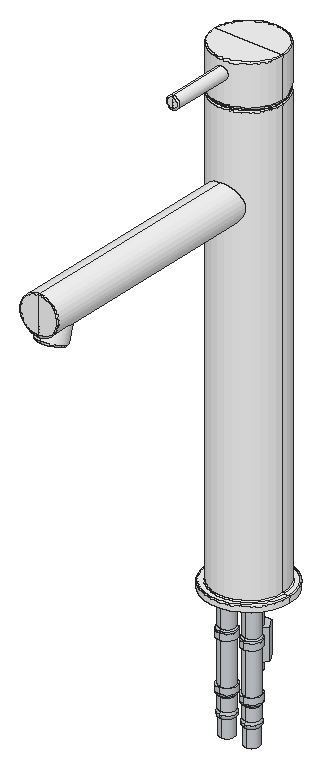
Revit family "Reece_Tap_Sussex_Scala_Basin Mixer_Extended", category Plumbing Fixtures, host Face, Revit 2018
Family settings
  Host = Face
  Round Connector Dimension = Use Diameter
  Part Type = Normal
  Cut with Voids When Loaded = No
  Shared = Yes
  Room Calculation Point = Yes
Parameters (values of type "162 mm_6 Star_Chrome_150mm Outlet")
  WFU = 0  # constant formula
  URL = "https://www.reece.com.au/product/-2262947"
  Type Comments = "Tap"
  Reece_Tap_Reach = 162 mm
  Reece_Tap_Inlet = 12 mm  # constant formula
  Reece_Tap_Clearance = 215 mm  # constant formula
  Reece_Product_Web Page = "https://www.reece.com.au/product/-2262947"
  Reece_Product_Type = "Tap"  # constant formula
  Reece_Product_Sub Brand = "Scala"  # constant formula
  Reece_Product_Number = "2262947"
  Reece_Product_Mount = "Hob Mounted"
  Reece_Product_Description = "Sussex Scala Extended Basin Mixer Tap with 150mm Outlet Chrome (6 Star)"
  Reece_Product_Brand = "Sussex"  # constant formula
  Reece_Pin_Projection = 85 mm
  Reece_Overall_Projection = 199 mm
  Reece_Overall_Height = 320 mm  # constant formula
  Reece_Overall_Diameter = 54 mm  # constant formula
  Reece_Material_Main = Reece_Brass_Chrome
  Reece_Detail_Type = "Basin Mixer"  # constant formula
  Reece_Detail_Shape = "Extended"  # constant formula
  Reece_Detail_Disclaimer = "THIS FILE IS THE PROPERTY OF THE REECE GROUP. IT MAY NOT BE REPRODUCED, REVERSE-ENGINEERED OR MODIFIED. ANY REPUBLICATION, TRANSMISSION OR DISTRIBUTION FOR THE PURPOSE OF COMMERCIALLY EXPLOITING THE FILES IS PROHIBITED."  # constant formula
  Reece_Detail_Additional = "150mm Outlet"
  Model = "Scala"
  Manufacturer = "Sussex"
  Keynote = "Product #2262947, Reece_Tap_Sussex_Scala_Basin Mixer_Extended - 162 mm_6 Star_Chrome_150mm Outlet"
  HWFU = 0  # constant formula
  Disclaimer = "THIS FILE IS THE PROPERTY OF THE REECE GROUP. IT MAY NOT BE REPRODUCED, REVERSE-ENGINEERED OR MODIFIED. ANY REPUBLICATION, TRANSMISSION OR DISTRIBUTION FOR THE PURPOSE OF COMMERCIALLY EXPLOITING THE FILES IS PROHIBITED."  # constant formula
  Description = "Scala Extended Basin Mixer Tap with 150mm Outlet Chrome (6 Star)"
  Default Elevation = 1000 mm
  CWFU = 0  # constant formula
Types (24, lengths in mm): name | URL | Reece_Tap_Reach | Reece_Product_Web Page | Reece_Product_Number | Reece_Product_Description | Reece_Pin_Projection | Reece_Overall_Projection | Reece_Material_Main | Reece_Detail_Additional | Keynote | Description
  102 mm_5 Star_Brushed Gunmetal | "https://www.reece.com.au/product/-2280727" | 102 | "https://www.reece.com.au/product/-2280727" | "2280727" | "Sussex Scala Extended Basin Mixer Tap Brushed Gunmetal (5 Star)" | 85 | 140 | Reece_Brass_Brushed Gunmetal | "" | "Product #2280727, Reece_Tap_Sussex_Scala_Basin Mixer_Extended - 102 mm_5 Star_Brushed Gunmetal" | "Scala Extended Basin Mixer Tap Brushed Gunmetal (5 Star)"
  102 mm_5 Star_Brushed Nickel | "https://www.reece.com.au/product/-2263267" | 102 | "https://www.reece.com.au/product/-2263267" | "2263267" | "Sussex Scala Extended Basin Mixer Tap Brushed Nickel (5 Star)" | 85 | 140 | Reece_Brass_Brushed Nickel | "" | "Product #2263267, Reece_Tap_Sussex_Scala_Basin Mixer_Extended - 102 mm_5 Star_Brushed Nickel" | "Scala Extended Basin Mixer Tap Brushed Nickel (5 Star)"
  102 mm_5 Star_Chrome | "https://www.reece.com.au/product/-2261622" | 102 | "https://www.reece.com.au/product/-2261622" | "2261622" | "Sussex Scala Extended Basin Mixer Tap Chrome (5 Star)" | 85 | 140 | Reece_Brass_Chrome | "" | "Product #2261622, Reece_Tap_Sussex_Scala_Basin Mixer_Extended - 102 mm_5 Star_Chrome" | "Scala Extended Basin Mixer Tap Chrome (5 Star)"
  102 mm_6 Star_Chrome | "https://www.reece.com.au/product/-2262945" | 102 | "https://www.reece.com.au/product/-2262945" | "2262945" | "Sussex Scala Extended Basin Mixer Tap Chrome (6 Star)" | 85 | 140 | Reece_Brass_Chrome | "" | "Product #2262945, Reece_Tap_Sussex_Scala_Basin Mixer_Extended - 102 mm_6 Star_Chrome" | "Scala Extended Basin Mixer Tap Chrome (6 Star)"
  102 mm_5 Star_PVD Brushed Platinum Gold | "https://www.reece.com.au/product/-2268181" | 102 | "https://www.reece.com.au/product/-2268181" | "2268181" | "Sussex Scala Extended Basin Mixer Tap LUX PVD Brushed Platinum Gold (5 Star)" | 85 | 140 | Reece_PVD_Brushed_Platinum Gold | "" | "Product #2268181, Reece_Tap_Sussex_Scala_Basin Mixer_Extended - 102 mm_5 Star_PVD Brushed Platinum Gold" | "Scala Extended Basin Mixer Tap LUX PVD Brushed Platinum Gold (5 Star)"
  102 mm_6 Star_PVD Brushed Platinum Gold | "https://www.reece.com.au/product/-2268186" | 102 | "https://www.reece.com.au/product/-2268186" | "2268186" | "Sussex Scala Extended Basin Mixer Tap LUX PVD Brushed Platinum Gold (6 Star)" | 85 | 140 | Reece_PVD_Brushed_Platinum Gold | "" | "Product #2268186, Reece_Tap_Sussex_Scala_Basin Mixer_Extended - 102 mm_6 Star_PVD Brushed Platinum Gold" | "Scala Extended Basin Mixer Tap LUX PVD Brushed Platinum Gold (6 Star)"
  102 mm_5 Star_Satin Chrome | "https://www.reece.com.au/product/-2261669" | 102 | "https://www.reece.com.au/product/-2261669" | "2261669" | "Sussex Scala Extended Basin Mixer Tap Satin Chrome (5 Star)" | 85 | 140 | Reece_Brass_Satin Chrome | "" | "Product #2261669, Reece_Tap_Sussex_Scala_Basin Mixer_Extended - 102 mm_5 Star_Satin Chrome" | "Scala Extended Basin Mixer Tap Satin Chrome (5 Star)"
  102 mm_5 Star_Chrome_100mm Extension Pin | "https://www.reece.com.au/product/-2262111" | 102 | "https://www.reece.com.au/product/-2262111" | "2262111" | "Sussex Scala Extended Basin Mixer Tap with 100mm Extension Pin Chrome (5 Star)" | 145 | 140 | Reece_Brass_Chrome | "100mm Extension Pin" | "Product #2262111, Reece_Tap_Sussex_Scala_Basin Mixer_Extended - 102 mm_5 Star_Chrome_100mm Extension Pin" | "Scala Extended Basin Mixer Tap with 100mm Extension Pin Chrome (5 Star)"
  102 mm_6 Star_Chrome_100mm Extension Pin | "https://www.reece.com.au/product/-2262948" | 102 | "https://www.reece.com.au/product/-2262948" | "2262948" | "Sussex Scala Extended Basin Mixer Tap with 100mm Extension Pin Chrome (6 Star)" | 145 | 140 | Reece_Brass_Chrome | "100mm Extension Pin" | "Product #2262948, Reece_Tap_Sussex_Scala_Basin Mixer_Extended - 102 mm_6 Star_Chrome_100mm Extension Pin" | "Scala Extended Basin Mixer Tap with 100mm Extension Pin Chrome (6 Star)"
  102 mm_5 Star_PVD Brushed Platinum Gold_100mm Extension Pin | "https://www.reece.com.au/product/-2268184" | 102 | "https://www.reece.com.au/product/-2268184" | "2268184" | "Sussex Scala Extended Basin Mixer Tap with 100mm Extension Pin LUX PVD Brushed Platinum Gold (5 Star)" | 145 | 140 | Reece_PVD_Brushed_Platinum Gold | "100mm Extension Pin" | "Product #2268184, Reece_Tap_Sussex_Scala_Basin Mixer_Extended - 102 mm_5 Star_PVD Brushed Platinum Gold_100mm Extension Pin" | "Scala Extended Basin Mixer Tap with 100mm Extension Pin LUX PVD Brushed Platinum Gold (5 Star)"
  102 mm_6 Star_PVD Brushed Platinum Gold_100mm Extension Pin | "https://www.reece.com.au/product/-2268189" | 102 | "https://www.reece.com.au/product/-2268189" | "2268189" | "Sussex Scala Extended Basin Mixer Tap with 100mm Extension Pin LUX PVD Brushed Platinum Gold (6 Star)" | 145 | 140 | Reece_PVD_Brushed_Platinum Gold | "100mm Extension Pin" | "Product #2268189, Reece_Tap_Sussex_Scala_Basin Mixer_Extended - 102 mm_6 Star_PVD Brushed Platinum Gold_100mm Extension Pin" | "Scala Extended Basin Mixer Tap with 100mm Extension Pin LUX PVD Brushed Platinum Gold (6 Star)"
  142 mm_5 Star_Chrome_130mm Outlet | "https://www.reece.com.au/product/-2262410" | 142 | "https://www.reece.com.au/product/-2262410" | "2262410" | "Sussex Scala Extended Basin Mixer Tap with 130mm Outlet Chrome (5 Star)" | 85 | 179 | Reece_Brass_Chrome | "" | "Product #2262410, Reece_Tap_Sussex_Scala_Basin Mixer_Extended - 142 mm_5 Star_Chrome_130mm Outlet" | "Scala Extended Basin Mixer Tap with 130mm Outlet Chrome (5 Star)"
  142 mm_6 Star_Chrome_130mm Outlet | "https://www.reece.com.au/product/-2262946" | 142 | "https://www.reece.com.au/product/-2262946" | "2262946" | "Sussex Scala Extended Basin Mixer Tap with 130mm Outlet Chrome (6 Star)" | 85 | 179 | Reece_Brass_Chrome | "" | "Product #2262946, Reece_Tap_Sussex_Scala_Basin Mixer_Extended - 142 mm_6 Star_Chrome_130mm Outlet" | "Scala Extended Basin Mixer Tap with 130mm Outlet Chrome (6 Star)"
  142 mm_5 Star_PVD Brushed Platinum Gold_130mm Outlet | "https://www.reece.com.au/product/-2268182" | 142 | "https://www.reece.com.au/product/-2268182" | "2268182" | "Sussex Scala Extended Basin Mixer Tap with 130mm Outlet LUX PVD Brushed Platinum Gold (5 Star)" | 85 | 179 | Reece_PVD_Brushed_Platinum Gold | "130mm Outlet" | "Product #2268182, Reece_Tap_Sussex_Scala_Basin Mixer_Extended - 142 mm_5 Star_PVD Brushed Platinum Gold_130mm Outlet" | "Scala Extended Basin Mixer Tap with 130mm Outlet LUX PVD Brushed Platinum Gold (5 Star)"
  142 mm_6 Star_PVD Brushed Platinum Gold_130mm Outlet | "https://www.reece.com.au/product/-2268187" | 142 | "https://www.reece.com.au/product/-2268187" | "2268187" | "Sussex Scala Extended Basin Mixer Tap with 130mm Outlet LUX PVD Brushed Platinum Gold (6 Star)" | 85 | 179 | Reece_PVD_Brushed_Platinum Gold | "130mm Outlet" | "Product #2268187, Reece_Tap_Sussex_Scala_Basin Mixer_Extended - 142 mm_6 Star_PVD Brushed Platinum Gold_130mm Outlet" | "Scala Extended Basin Mixer Tap with 130mm Outlet LUX PVD Brushed Platinum Gold (6 Star)"
  102 mm_5 Star_Chrome_150mm Extension Pin | "https://www.reece.com.au/product/-2262112" | 102 | "https://www.reece.com.au/product/-2262112" | "2262112" | "Sussex Scala Extended Basin Mixer Tap with 150mm Extension Pin Chrome (5 Star)" | 195 | 140 | Reece_Brass_Chrome | "150mm Extension Pin" | "Product #2262112, Reece_Tap_Sussex_Scala_Basin Mixer_Extended - 102 mm_5 Star_Chrome_150mm Extension Pin" | "Scala Extended Basin Mixer Tap with 150mm Extension Pin Chrome (5 Star)"
  102 mm_6 Star_Chrome_150mm Extension Pin | "https://www.reece.com.au/product/-2262949" | 102 | "https://www.reece.com.au/product/-2262949" | "2262949" | "Sussex Scala Extended Basin Mixer Tap with 150mm Extension Pin Chrome (6 Star)" | 195 | 140 | Reece_Brass_Chrome | "150mm Extension Pin" | "Product #2262949, Reece_Tap_Sussex_Scala_Basin Mixer_Extended - 102 mm_6 Star_Chrome_150mm Extension Pin" | "Scala Extended Basin Mixer Tap with 150mm Extension Pin Chrome (6 Star)"
  102 mm_5 Star_PVD Brushed Platinum Gold_150mm Extension Pin | "https://www.reece.com.au/product/-2268185" | 102 | "https://www.reece.com.au/product/-2268185" | "2268185" | "Sussex Scala Extended Basin Mixer Tap with 150mm Extension Pin LUX PVD Brushed Platinum Gold (5 Star)" | 195 | 140 | Reece_PVD_Brushed_Platinum Gold | "150mm Extension Pin" | "Product #2268185, Reece_Tap_Sussex_Scala_Basin Mixer_Extended - 102 mm_5 Star_PVD Brushed Platinum Gold_150mm Extension Pin" | "Scala Extended Basin Mixer Tap with 150mm Extension Pin LUX PVD Brushed Platinum Gold (5 Star)"
  102 mm_6 Star_PVD Brushed Platinum Gold_150mm Extension Pin | "https://www.reece.com.au/product/-2268190" | 102 | "https://www.reece.com.au/product/-2268190" | "2268190" | "Sussex Scala Extended Basin Mixer Tap with 150mm Extension Pin LUX PVD Brushed Platinum Gold (6 Star)" | 195 | 140 | Reece_PVD_Brushed_Platinum Gold | "150mm Extension Pin" | "Product #2268190, Reece_Tap_Sussex_Scala_Basin Mixer_Extended - 102 mm_6 Star_PVD Brushed Platinum Gold_150mm Extension Pin" | "Scala Extended Basin Mixer Tap with 150mm Extension Pin LUX PVD Brushed Platinum Gold (6 Star)"
  162 mm_5 Star_Chrome_150mm Outlet | "https://www.reece.com.au/product/-2262411" | 162 | "https://www.reece.com.au/product/-2262411" | "2262411" | "Sussex Scala Extended Basin Mixer Tap with 150mm Outlet Chrome (5 Star)" | 85 | 199 | Reece_Brass_Chrome | "150mm Outlet" | "Product #2262411, Reece_Tap_Sussex_Scala_Basin Mixer_Extended - 162 mm_5 Star_Chrome_150mm Outlet" | "Scala Extended Basin Mixer Tap with 150mm Outlet Chrome (5 Star)"
  162 mm_6 Star_Chrome_150mm Outlet | "https://www.reece.com.au/product/-2262947" | 162 | "https://www.reece.com.au/product/-2262947" | "2262947" | "Sussex Scala Extended Basin Mixer Tap with 150mm Outlet Chrome (6 Star)" | 85 | 199 | Reece_Brass_Chrome | "150mm Outlet" | "Product #2262947, Reece_Tap_Sussex_Scala_Basin Mixer_Extended - 162 mm_6 Star_Chrome_150mm Outlet" | "Scala Extended Basin Mixer Tap with 150mm Outlet Chrome (6 Star)"
  162 mm_5 Star_PVD Brushed Platinum Gold_150mm Outlet | "https://www.reece.com.au/product/-2268183" | 162 | "https://www.reece.com.au/product/-2268183" | "2268183" | "Sussex Scala Extended Basin Mixer Tap with 150mm Outlet LUX PVD Brushed Platinum Gold (5 Star)" | 85 | 199 | Reece_PVD_Brushed_Platinum Gold | "150mm Outlet" | "Product #2268183, Reece_Tap_Sussex_Scala_Basin Mixer_Extended - 162 mm_5 Star_PVD Brushed Platinum Gold_150mm Outlet" | "Scala Extended Basin Mixer Tap with 150mm Outlet LUX PVD Brushed Platinum Gold (5 Star)"
  162 mm_6 Star_PVD Brushed Platinum Gold_150mm Outlet | "https://www.reece.com.au/product/-2268188" | 162 | "https://www.reece.com.au/product/-2268188" | "2268188" | "Sussex Scala Extended Basin Mixer Tap with 150mm Outlet LUX PVD Brushed Platinum Gold (6 Star)" | 85 | 199 | Reece_PVD_Brushed_Platinum Gold | "150mm Outlet" | "Product #2268188, Reece_Tap_Sussex_Scala_Basin Mixer_Extended - 162 mm_6 Star_PVD Brushed Platinum Gold_150mm Outlet" | "Scala Extended Basin Mixer Tap with 150mm Outlet LUX PVD Brushed Platinum Gold (6 Star)"
  142 mm_6 Star_Brushed Nickel_130mm Outlet | "https://www.reece.com.au/product/-2281199" | 142 | "https://www.reece.com.au/product/-2281199" | "2281199" | "Sussex Scala Extended Basin Mixer Tap with 130mm Outlet Brushed Nickel (6 Star)" | 85 | 179 | Reece_Brass_Brushed Nickel | "130mm Outlet" | "Product #2281199, Reece_Tap_Sussex_Scala_Basin Mixer_Extended - 142 mm_6 Star_Brushed Nickel_130mm Outlet" | "Scala Extended Basin Mixer Tap with 130mm Outlet Brushed Nickel (6 Star)"
Reference planes
  plane 1 "Center (Front/Back)": y = 0
  plane 2 "Bottom": z = 0
  plane 3 "Center (Left/Right)": x = 0
  plane 4 "Top": z = 320
  plane 5: z = 215
  plane 6: z = 293
  plane 7: y = -162
  plane 8: z = 234.6
  plane 9: x = 22.5
  plane 10: x = -22.5
  plane 11: x = -27
  plane 12: x = 27
  plane 13: y = 27
  plane 14: y = -172
  plane 15: y = 22.5
  plane 16: y = -62.5
  plane 17: z = 291.4
  plane 18: y = -22.5
  plane 19: y = -27
Forms (mm)
  Revolve 1, solid, material "Reece_Brass_Chrome" <- "Reece_Material_Main"
    sketch origin (0, 0, 0) x (-1, 0, 0) y (0, 0, 1)
      loop
        line (0, 1.889) -> (0, 291.4) -> (-21.966, 291.4)
        arc (-21.966, 291.4) -> (-22.344, 291.244) -> (-22.5, 290.866) r 0.534
        line (-22.5, 290.866) -> (-22.5, 4.6)
        arc (-22.5, 4.6) -> (-22.676, 4.176) -> (-23.1, 4) r 0.6
        line (-23.1, 4) -> (-26.4, 4)
        arc (-26.4, 4) -> (-26.824, 3.824) -> (-27, 3.4) r 0.6
        line (-27, 3.4) -> (-27, 0) -> (-24.693, 0) -> (-24.693, 1.889) -> (0, 1.889)
      axis (0, 291.4) -> (0, 0)
    angle from 0 to 360
  Revolve 2, solid, material "Reece_Brass_Chrome" <- "Reece_Material_Main"
    sketch origin (0, 64.5, 100) x (0, 0, -1) y (0, 1, 0)
      loop
        line (-191.4, -85.706) -> (-191.4, -64.5) -> (-208.223, -64.5)
        arc (-208.223, -64.5) -> (-203.896, -78.343) -> (-191.4, -85.706) r 20.173
      axis (-208.223, -64.5) -> (-191.4, -64.5)
    angle from 0 to 360
  Revolve 3, solid, material "Reece_Brass_Chrome" <- "Reece_Material_Main"
    sketch origin (0, 64.5, 100) x (0, 0, -1) y (0, 1, 0)
      loop
        line (-211.35, -127) -> (-211.35, -73.2) -> (-215.35, -73.2) -> (-215.35, -126.385)
        arc (-215.35, -126.385) -> (-215.17, -126.82) -> (-214.735, -127) r 0.615
        line (-214.735, -127) -> (-211.35, -127)
      axis (-211.35, -127) -> (-211.35, -73.2)
    angle from 0 to 360
  Revolve 4, solid, material "Reece_Brass_Chrome" <- "Reece_Material_Main"
    sketch origin (0, 0, 19.6) x (0, 1, 0) y (0, 0, 1)
      loop
        line (0, 215) -> (0, 227.5) -> (-171.499, 227.5)
        arc (-171.499, 227.5) -> (-171.853, 227.353) -> (-172, 226.999) r 0.501
        line (-172, 226.999) -> (-172, 215) -> (0, 215)
      axis (0, 215) -> (-172, 215)
    angle from 0 to 360
  Revolve 5, solid, material "Reece_Brass_Chrome" <- "Reece_Material_Main"
    sketch origin (0, -27.039, -21.581) x (0, 0.945519, -0.325568) y (0, 0.325568, 0.945519)
      loop
        line (-212.131, 179.752) -> (-212.131, 183.683) -> (-211.331, 183.683) -> (-211.331, 179.752) -> (-210.502, 179.752) -> (-210.502, 180.591) -> (-204.631, 180.591) -> (-204.631, 202.429) -> (-213.631, 202.429) -> (-213.631, 180.33)
        arc (-213.631, 180.33) -> (-213.462, 179.922) -> (-213.053, 179.752) r 0.578
        line (-213.053, 179.752) -> (-212.131, 179.752)
      axis (-204.631, 202.429) -> (-204.631, 179.752)
    angle from 0 to 360
  Extrusion 6, void
    sketch origin (0, 0, 0) x (1, 0, 0) y (0, 1, 0)
      loop
        circle (0, 0) r 15.193
    from -15.592 to 15.518
  Revolve 7, solid
    sketch origin (0, -6.983, -4.38) x (0, 1, 0) y (0, 0, 1)
      loop
        line (11.924, 6.27) -> (11.924, -47)
        arc (11.924, -47) -> (12.07, -47.353) -> (12.424, -47.5) r 0.5
        line (12.424, -47.5) -> (14.924, -47.5) -> (14.924, 6.27) -> (11.924, 6.27)
      axis (14.924, -47.5) -> (14.924, 6.27)
    angle from 0 to 360
  Extrusion 8, solid
    sketch origin (619.2, -626.183, -34.38) x (1, 0, 0) y (0, 1, 0)
      loop
        circle (-619.2, 634.124) r 3
      loop
        line (-622.996, 640.698) -> (-626.791, 634.124) -> (-622.996, 627.549) -> (-615.404, 627.549) -> (-611.609, 634.124) -> (-615.404, 640.698) -> (-622.996, 640.698)
    from -10 to 10
  Revolve 9, solid
    sketch origin (-8.271, -4579.5, 333.442) x (0, 0, 1) y (0, -1, 0)
      loop
        line (-389.647, -4565.8) -> (-393.549, -4565.8)
        arc (-393.549, -4565.8) -> (-394.023, -4565.877) -> (-394.449, -4566.101) r 1.5
        line (-394.449, -4566.101) -> (-395.687, -4567.03) -> (-404.047, -4567.03) -> (-406.076, -4566.425)
        arc (-406.076, -4566.425) -> (-407.469, -4566.518) -> (-408.462, -4567.5) r 2
        line (-408.462, -4567.5) -> (-419.774, -4567.5) -> (-419.774, -4572) -> (-331.553, -4572) -> (-331.553, -4568.64) -> (-338.011, -4568.64) -> (-338.011, -4567.03) -> (-355.506, -4567.03) -> (-356.743, -4566.101)
        arc (-356.743, -4566.101) -> (-357.169, -4565.877) -> (-357.644, -4565.8) r 1.5
        line (-357.644, -4565.8) -> (-361.546, -4565.8) -> (-361.546, -4567) -> (-389.647, -4567) -> (-389.647, -4565.8)
      axis (-419.774, -4572) -> (-331.553, -4572)
    angle from 0 to 360
  Revolve 10, solid
    sketch origin (8.029, -4579.5, 333.442) x (0, 0, 1) y (0, 1, 0)
      loop
        line (-389.647, 4565.8) -> (-389.647, 4567) -> (-361.546, 4567) -> (-361.546, 4565.8) -> (-357.644, 4565.8)
        arc (-357.644, 4565.8) -> (-357.169, 4565.877) -> (-356.743, 4566.101) r 1.5
        line (-356.743, 4566.101) -> (-355.506, 4567.03) -> (-338.011, 4567.03) -> (-338.011, 4568.64) -> (-331.553, 4568.64) -> (-331.553, 4572) -> (-419.774, 4572) -> (-419.774, 4567.5) -> (-408.462, 4567.5)
        arc (-408.462, 4567.5) -> (-407.469, 4566.518) -> (-406.076, 4566.425) r 2
        line (-406.076, 4566.425) -> (-404.047, 4567.03) -> (-395.687, 4567.03) -> (-394.449, 4566.101)
        arc (-394.449, 4566.101) -> (-394.023, 4565.877) -> (-393.549, 4565.8) r 1.5
        line (-393.549, 4565.8) -> (-389.647, 4565.8)
      axis (-419.774, 4572) -> (-331.553, 4572)
    angle from 0 to 360
  Revolve 11, solid, material "Reece_Brass_Chrome" <- "Reece_Material_Main"
    sketch origin (0, 0, 0) x (-1, 0, 0) y (0, 0, 1)
      loop
        line (0, 320) -> (-21.923, 320)
        arc (-21.923, 320) -> (-22.331, 319.831) -> (-22.5, 319.423) r 0.577
        line (-22.5, 319.423) -> (-22.5, 293.534)
        arc (-22.5, 293.534) -> (-22.343, 293.157) -> (-21.966, 293) r 0.534
        line (-21.966, 293) -> (0, 293) -> (0, 320)
      axis (0, 293) -> (0, 320)
    angle from 0 to 360
  Extrusion 12, void
    sketch origin (0, 0, 0) x (0, 1, 0) y (0, 0, 1)
      loop
        line (-2.098, 292.195) -> (25, 292.195) -> (25, 302.597) -> (-2.098, 292.195)
    from -31.056 to 34.748
Cuts and joins
  Extrusion 12 cuts Revolve 11
  joined: Revolve 1, Revolve 2, Revolve 3, Revolve 4, Revolve 5, Revolve 11
Text (mm)
  text "Reece Copyright © 2018, Reece Ltd." at (-370.184, -201.3, 0), in view "Ref. Level"
  text "Reece ©" at (44.384, 258.95, 192.345), in view "Reece Preview"
Dimensions and locks
  "Reece_Tap_Clearance": plane 5 to host face
  "Reece_Overall_Height": plane 4 "Top" to host face
  "Reece_Tap_Reach": plane 1 "Center (Front/Back)" to plane 7
  locked: plane 8 to plane 5 at 19.6
  "Reece_Overall_Height": plane 4 "Top" to plane 2 "Bottom"
  equal spacing: plane 11, plane 3 "Center (Left/Right)", plane 12
  plane 10 to plane 9 = 45 mm
  "Reece_Overall_Projection": plane 13 to plane 14
  locked: plane 4 "Top" to plane 6 at 27
  cut or joined group of Revolve 1, Revolve 2, Revolve 3, Revolve 4, Revolve 5, Revolve 11, Extrusion 12 to cut or joined group of Revolve 1, Revolve 2, Revolve 3, Revolve 4, Revolve 5, Revolve 11, Extrusion 12 = 25 mm
  "Reece_Pin_Projection": plane 15 to plane 16
  plane 15 to plane 1 "Center (Front/Back)" to plane 18 to plane 16 = 22.5 mm, 22.5 mm, 40 mm
  "Reece_Overall_Diameter": plane 13 to plane 19
  equal spacing: plane 13, plane 1 "Center (Front/Back)", plane 19, locked at 27 each
  locked: plane 17 to plane 6 at 1.6
  plane 12 to plane 9 = 4.5 mm
  aligned and locked: plane 2 "Bottom" to host face
  aligned and locked: level to host face
  aligned and locked: Revolve 4 sketch curve to plane 8
  aligned and locked: plane 14 to Revolve 4 sketch curve
  aligned and locked: plane 17 to Revolve 1 sketch curve
  aligned and locked: cut or joined group of Revolve 1, Revolve 2, Revolve 3, Revolve 4, Revolve 5, Revolve 11, Extrusion 12 to plane 17
  aligned and locked: plane 17 to cut or joined group of Revolve 1, Revolve 2, Revolve 3, Revolve 4, Revolve 5, Revolve 11, Extrusion 12
Automatic sketch dimensions
  host sketch curve to host sketch curve = 380.785 mm
  host sketch curve to host sketch curve = 317.421 mm
  Revolve 1 sketch curve to plane 12 = 0 mm
  Revolve 1 sketch curve to level = 0 mm
  Revolve 1 sketch curve to plane 9 = 0 mm
  Revolve 1 sketch curve to plane 3 "Center (Left/Right)" = 0 mm  (x2)
  Revolve 1 sketch curve to Revolve 1 sketch curve = 0.6 mm
  plane 9 to Revolve 1 sketch curve = 2.193 mm
  plane 9 to Revolve 1 sketch curve = 0.6 mm
  Revolve 1 sketch curve to Revolve 1 sketch curve = 0.534 mm
  level to Revolve 1 sketch curve = 1.889 mm
  Revolve 1 sketch curve to Revolve 1 sketch curve = 1.511 mm
  Revolve 1 sketch curve to level = 30 mm
  Revolve 1 sketch curve to Revolve 1 sketch curve = 23.111 mm
  Revolve 4 sketch curve to plane 8 = 0 mm
  Revolve 4 sketch curve to plane 7 = 0 mm
  Revolve 4 sketch curve to plane 1 "Center (Front/Back)" = 0 mm
  plane 14 to Revolve 4 sketch curve = 0.501 mm
  plane 8 to Revolve 4 sketch curve = 11.999 mm
  Revolve 4 sketch curve to plane 14 = 0.92 mm
  plane 1 "Center (Front/Back)" to Extrusion 6 sketch curve = 0 mm
  Extrusion 6 sketch curve to plane 3 "Center (Left/Right)" = 0 mm
  level to Revolve 7 sketch curve = 1.889 mm
  Revolve 7 sketch curve to plane 1 "Center (Front/Back)" = 4.941 mm
  Revolve 7 sketch curve to Revolve 7 sketch curve = 0.5 mm
  Revolve 7 sketch curve to Revolve 7 sketch curve = 2.5 mm
  Revolve 7 sketch curve to level = 51.38 mm
  Revolve 7 sketch curve to plane 1 "Center (Front/Back)" = 7.941 mm
  Revolve 7 sketch curve to Revolve 7 sketch curve = 0 mm
  Revolve 7 sketch curve to Revolve 7 sketch curve = 13.87 mm
  Extrusion 8 sketch curve to Extrusion 8 sketch curve = 0 mm  (x3)
  Extrusion 8 sketch curve to plane 3 "Center (Left/Right)" = 0 mm
  Extrusion 8 sketch curve to plane 3 "Center (Left/Right)" = 3.796 mm  (x2)
  Extrusion 8 sketch curve to plane 1 "Center (Front/Back)" = 1.367 mm
  Extrusion 8 sketch curve to plane 3 "Center (Left/Right)" = 7.591 mm
  plane 3 "Center (Left/Right)" to Extrusion 8 sketch curve = 3.796 mm  (x2)
  Extrusion 8 sketch curve to Extrusion 8 sketch curve = 3.796 mm
  Extrusion 8 sketch curve to Extrusion 8 sketch curve = 6.574 mm  (x3)
  Extrusion 8 sketch curve to Extrusion 8 sketch curve = 3 mm
  plane 1 "Center (Front/Back)" to Revolve 9 sketch curve = 12 mm
  Revolve 9 sketch curve to level = 86.332 mm
  Revolve 9 sketch curve to Revolve 9 sketch curve = 11.313 mm
  Revolve 9 sketch curve to Revolve 9 sketch curve = 1.814 mm
  plane 1 "Center (Front/Back)" to Revolve 9 sketch curve = 13.075 mm
  Revolve 9 sketch curve to Revolve 9 sketch curve = 0.571 mm
  plane 1 "Center (Front/Back)" to Revolve 9 sketch curve = 12.47 mm
  Revolve 9 sketch curve to Revolve 9 sketch curve = 2.029 mm
  Revolve 9 sketch curve to Revolve 9 sketch curve = 8.36 mm
  plane 1 "Center (Front/Back)" to Revolve 9 sketch curve = 13.399 mm  (x2)
  Revolve 9 sketch curve to Revolve 9 sketch curve = 1.238 mm  (x2)
  Revolve 9 sketch curve to Revolve 9 sketch curve = 0.901 mm  (x2)
  Revolve 9 sketch curve to Revolve 9 sketch curve = 3.901 mm  (x2)
  plane 1 "Center (Front/Back)" to Revolve 9 sketch curve = 13.7 mm
  Revolve 9 sketch curve to Revolve 9 sketch curve = 28.102 mm
  Revolve 9 sketch curve to level = 4.568 mm
  level to Revolve 9 sketch curve = 1.889 mm
  plane 1 "Center (Front/Back)" to Revolve 9 sketch curve = 10.86 mm
  Revolve 9 sketch curve to Revolve 9 sketch curve = 4.5 mm
  Revolve 9 sketch curve to Revolve 9 sketch curve = 1.199 mm
  Revolve 9 sketch curve to Revolve 9 sketch curve = 1.61 mm
  Revolve 9 sketch curve to Revolve 9 sketch curve = 1.2 mm
  plane 1 "Center (Front/Back)" to Revolve 9 sketch curve = 7.5 mm
  Revolve 9 sketch curve to Revolve 9 sketch curve = 71.41 mm
  Revolve 9 sketch curve to level = 1.522 mm
  plane 1 "Center (Front/Back)" to Revolve 10 sketch curve = 12 mm
  Revolve 10 sketch curve to level = 86.332 mm
  Revolve 10 sketch curve to Revolve 10 sketch curve = 11.313 mm
  Revolve 10 sketch curve to Revolve 10 sketch curve = 1.814 mm
  plane 1 "Center (Front/Back)" to Revolve 10 sketch curve = 13.075 mm
  Revolve 10 sketch curve to Revolve 10 sketch curve = 0.571 mm
  plane 1 "Center (Front/Back)" to Revolve 10 sketch curve = 12.47 mm  (x2)
  Revolve 10 sketch curve to Revolve 10 sketch curve = 2.029 mm
  Revolve 10 sketch curve to Revolve 10 sketch curve = 8.36 mm
  plane 1 "Center (Front/Back)" to Revolve 10 sketch curve = 13.399 mm  (x2)
  Revolve 10 sketch curve to Revolve 10 sketch curve = 1.238 mm  (x2)
  Revolve 10 sketch curve to Revolve 10 sketch curve = 0.901 mm  (x2)
  Revolve 10 sketch curve to Revolve 10 sketch curve = 3.901 mm  (x2)
  plane 1 "Center (Front/Back)" to Revolve 10 sketch curve = 13.7 mm
  Revolve 10 sketch curve to Revolve 10 sketch curve = 28.102 mm
  Revolve 10 sketch curve to level = 4.568 mm
  level to Revolve 10 sketch curve = 1.889 mm
  Revolve 10 sketch curve to Revolve 10 sketch curve = 0.301 mm
  Revolve 10 sketch curve to Revolve 10 sketch curve = 1.2 mm
  Revolve 10 sketch curve to Revolve 10 sketch curve = 1.61 mm
  Revolve 10 sketch curve to Revolve 10 sketch curve = 4.5 mm
  plane 1 "Center (Front/Back)" to Revolve 10 sketch curve = 7.5 mm
  Revolve 10 sketch curve to Revolve 10 sketch curve = 71.41 mm
  Revolve 10 sketch curve to level = 1.522 mm
  Revolve 11 sketch curve to plane 9 = 0 mm
  Revolve 11 sketch curve to plane 6 = 0 mm
  Revolve 11 sketch curve to plane 4 "Top" = 0 mm
  Revolve 11 sketch curve to plane 3 "Center (Left/Right)" = 0 mm  (x2)
  Revolve 11 sketch curve to plane 9 = 0.534 mm
  Revolve 11 sketch curve to Revolve 11 sketch curve = 0.577 mm
  Revolve 11 sketch curve to plane 4 "Top" = 4.31 mm
  plane 4 "Top" to Revolve 11 sketch curve = 1.708 mm
  Extrusion 12 sketch curve to plane 6 = 0.805 mm
  plane 1 "Center (Front/Back)" to Extrusion 12 sketch curve = 2.098 mm
  Extrusion 12 sketch curve to plane 13 = 2 mm
  plane 6 to Extrusion 12 sketch curve = 9.597 mm
  Revolve 3 sketch curve to plane 16 = 0 mm
  Revolve 3 sketch curve to plane 4 "Top" = 4.65 mm
  Revolve 3 sketch curve to Revolve 3 sketch curve = 0.615 mm
  Revolve 3 sketch curve to Revolve 3 sketch curve = 4 mm
  plane 1 "Center (Front/Back)" to Revolve 3 sketch curve = 8.7 mm
  Revolve 3 sketch curve to Revolve 3 sketch curve = 0 mm
  Revolve 3 sketch curve to Revolve 3 sketch curve = 5 mm
  Revolve 3 sketch curve to Revolve 3 sketch curve = 2.831 mm
  Revolve 2 sketch curve to plane 1 "Center (Front/Back)" = 0 mm  (x2)
  Revolve 2 sketch curve to plane 4 "Top" = 11.777 mm
  Revolve 2 sketch curve to plane 6 = 1.6 mm
  plane 1 "Center (Front/Back)" to Revolve 2 sketch curve = 1.306 mm
  Revolve 2 sketch curve to plane 6 = 0.299 mm
  Revolve 2 sketch curve to Revolve 2 sketch curve = 0.559 mm
  Revolve 2 sketch curve to plane 17 = 3.308 mm
  plane 7 to Revolve 5 sketch curve = 1.127 mm
  plane 8 to Revolve 5 sketch curve = 4.771 mm
  Revolve 5 sketch curve to Revolve 5 sketch curve = 0.578 mm
  Revolve 5 sketch curve to Revolve 5 sketch curve = 0.922 mm
  Revolve 5 sketch curve to Revolve 5 sketch curve = 0.8 mm
  Revolve 5 sketch curve to Revolve 5 sketch curve = 0.829 mm
  Revolve 5 sketch curve to Revolve 5 sketch curve = 9 mm
  Revolve 5 sketch curve to Revolve 5 sketch curve = 21.838 mm
  Revolve 5 sketch curve to Revolve 5 sketch curve = 3.353 mm
  Revolve 5 sketch curve to Revolve 5 sketch curve = 0 mm  (x2)
  Revolve 5 sketch curve to Revolve 5 sketch curve = 8.179 mm
  Revolve 5 sketch curve to Revolve 5 sketch curve = 0.839 mm
  Revolve 5 sketch curve to Revolve 5 sketch curve = 8.71 mm
  radius of Extrusion 6 sketch curve = 15.193 mm
Connectors
  piping at (-8.271, -7.5, -86.332), diameter 12, driven by "Reece_Tap_Inlet"
    settings: on Revolve 9, index 1, connector inside diameter 609.6 mm, connector length 0 mm, flow factor 0, pipe flow 0.0 L/s, pressure drop 0.0 Pa, fitting loss kfactor 0, connector angle 0.00°, fixture units 0, engagement length 0 mm, angle of deflection 0.00°, flow configuration 0, flow direction 1, fitting loss method 0, system type 29, joint type 0, gender type 0, connector reference index -1, connector utility 0, adjustable connector no, is connector primary yes, connector description ""
  piping at (8.029, -7.5, -86.332), diameter 12, driven by "Reece_Tap_Inlet"
    settings: on Revolve 10, index 2, connector inside diameter 609.6 mm, connector length 0 mm, flow factor 0, pipe flow 0.0 L/s, pressure drop 0.0 Pa, fitting loss kfactor 0, connector angle 0.00°, fixture units 0, engagement length 0 mm, angle of deflection 0.00°, flow configuration 0, flow direction 1, fitting loss method 0, system type 29, joint type 0, gender type 0, connector reference index -1, connector utility 0, adjustable connector no, is connector primary no, connector description ""
